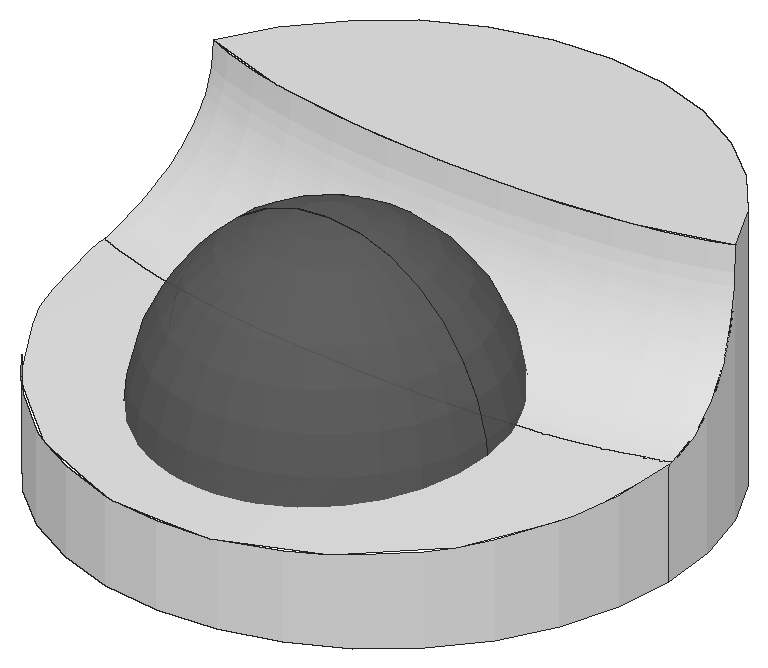
Revit family "Camera-Security-Panasonic-Dome-Network-SF138", category Security Devices, host Face, Revit 2013
Parameters (values of type "Super Dynamic FullHD, Dome, Network, WV-SF138")
  z Dome Material = Polycarbonate Resin - Panasonic - Smoked
  z Base Radius = Diameter / 2  # 2.047"
  Wide Dynamic Range (Super Dynamic) = yes
  Weight = 0.57 lbf
  Vandal Resistant = no
  URL = "http://security.panasonic.com/pss/security/"
  Tilting Range = "-20 to +90"
  Storage Temperature = "32°F - 104°F"  # constant formula
  Regulatory Compliance = "UL 60950-1, FCC Part 15 Class A, C-UL CAN/CSA C22.2 No.60950-1, ICES 003 Class A"
  Rated Current = 110 mA
  Provide Feedback = "https://www.surveymonkey.com/s/95FL6QY"
  Product Page URL = "http://security.panasonic.com/pss/security/products/hd/wv-sf138/index.html"
  Product Material = ABS Resin - Panasonic - Sail White
  Product Documentation Link = "http://cr.panasonic.com/assets/18000-http://ssbu-t.psn-web.net/Products/IP_camera/WV-SF138/Specsheet/WV-SF138_2A-109AL.pdf"
  PoE = 48 V
  Part Number = Model  # "WV-SF138"
  Part Description = Description  # "Security Camera, Super Dynamic, Full HD, Dome, Network"
  Panning Range = "-20 to +20"
  Original Creation Date = "2015/2/9"
  Operational Temperature = "32°F - 104°F"  # constant formula
  Operational Humidity = "90% or less (without condensation)"
  Mounting Positions = "Surface Mount"
  Model Disclaimer = "Contact Panasonic for more information"  # constant formula
  Model = "WV-SF138"
  Minimum Illumination = 1.2 lx
  Manufacturer = "Panasonic"  # constant formula
  Lens Mount = "N/A"
  Indoor Or Outdoor = "Indoor"
  IP Or Analog = "IP"
  Height = 1.850"
  Has POE = yes
  Family Version = "1.0.0"  # constant formula
  Equipment Number [instance] = ""
  Equipment Abbreviation = "SC"
  Dome Part Number = "WV-CW6S"  # constant formula
  Diameter = 4.094"
  Description = "Security Camera, Super Dynamic, Full HD, Dome, Network"
  Default Elevation = 0.000"
  Day Or Night = "Yes"
  Date Last Modified = ""
  Copyright = "Copyright © Panasonic"  # constant formula
  Communication Ports = "10Base-T / 100Base-TX, RJ-45"
  Audio Out = "Yes"
  Audio In = "Yes"
  Angle Of View = "100"
  Alarm Input Or Output Specification = "N/A"
Reference planes (in)
  plane 1 "Center (Front/Back)": y = 0
  plane 2: z = 0
  plane 3 "Center (Left/Right)": x = 0
  plane 4: x = 2.047
  plane 5: x = -2.047
  plane 6: z = 1.758
  plane 7: x = -0.75
  plane 8: x = 0.75
  plane 9: y = -1
  plane 10: y = -1.75
  plane 11: y = -0.25
  plane 12: y = 0.531
  plane 13: x = -1.9405
  plane 14: x = 1.9405
  plane 15: z = 0.558
  plane 16: z = 1.258
  plane 17: z = 0.758
  plane 18: y = -0.5
  plane 19: z = 0
  plane 20: z = 1.85
Forms (in)
  Extrusion 1, solid, material "ABS Resin - Panasonic - Sail White" <- "Product Material"
    sketch origin (0, 0, 0) x (1, 0, 0) y (0, 1, 0)
      loop
        circle (0, 0) r 2.047
    from 0 to 1.758
  Sweep 2, void
    path in 3D
      loop
        spline (-2.08128, 1.031, 1.5) -> (-2.01037, 0.90159, 1.5) -> (-1.80244, 0.781, 1.5) -> (-1.47169, 0.67745, 1.5) -> (-1.04064, 0.59799, 1.5) -> (-0.53868, 0.54804, 1.5) -> (0, 0.531, 1.5) -> (0.53868, 0.54804, 1.5) -> (1.04064, 0.59799, 1.5) -> (1.47169, 0.67745, 1.5) -> (1.80244, 0.781, 1.5) -> (2.01037, 0.90159, 1.5) -> (2.08128, 1.031, 1.5)
    profile origin (0, 0.531, 1.5) x (0, 1, 0) y (0, 0, 1)
      loop
        line (0, 0.258) -> (-2.69735, 0.258) -> (-2.69735, -0.942) -> (-0.78008, -0.742)
        arc (-0.78008, -0.742) -> (-0.21809, -0.37614) -> (0, 0.258) r 1.031
  Revolve 3, solid, material "Polycarbonate Resin - Panasonic - Smoked"
    sketch origin (-60, -0.5, 48) x (-1, 0, 0) y (0, 0, 1)
      loop
        spline (-58.83899, -47.442) -> (-58.84892, -47.27336) -> (-58.87855, -47.10761) -> (-58.92736, -46.94758) -> (-58.99453, -46.796) -> (-59.07891, -46.65548) -> (-59.17904, -46.52842) -> (-59.29322, -46.41699) -> (-59.41949, -46.3231) -> (-59.5557, -46.24835) -> (-59.69951, -46.19403) -> (-59.84846, -46.16106) -> (-60, -46.15001)
        line (-60, -46.15001) -> (-60, -47.442) -> (-58.83899, -47.442)
      axis (-60, -46.15001) -> (-60, -47.442)
    angle from 0 to 360
  Sweep 4, void
    path in 3D
      loop
        spline (1.87763, 0.81529, 1.758) -> (1.60211, 0.71184, 1.758) -> (1.27835, 0.63643, 1.758) -> (0.95881, 0.58722, 1.758) -> (0.6441, 0.55555, 1.758) -> (0.32095, 0.53698, 1.758) -> (-0.00143, 0.531, 1.758) -> (-0.32009, 0.53695, 1.758) -> (-0.6409, 0.5553, 1.758) -> (-0.96333, 0.58778, 1.758) -> (-1.28839, 0.63832, 1.758) -> (-1.60846, 0.71369, 1.758) -> (-1.87763, 0.81529, 1.758)
    profile origin (-0.00143, 0.531, 1.758) x (-0.000157, -1, 0) y (0, 0, 1)
      loop
        line (0, 0) -> (-0.31705, 0) -> (-0.31705, -1.758) -> (2.281, -1.758) -> (2.281, -1.15775) -> (0.78008, -1.358)
        arc (0.78008, -1.358) -> (0.2089, -0.78305) -> (0, 0) r 1.57208
Cuts and joins
  Sweep 2 cuts Extrusion 1
  Sweep 4 cuts Revolve 3
Lines and regions (in)
  Masking region 1
    outline origin (0, 0, 0) x (1, 0, 0) y (0, 1, 0)
      loop
        circle (0, 0) r 2.047
  Masking region 2
    outline origin (0, 0, 0) x (1, 0, 0) y (0, 0, 1)
      loop
        line (-2.047, 0) -> (2.047, 0) -> (2.047, 0.75) -> (1.83288, 1.258) -> (1.80671, 1.758) -> (-1.80671, 1.758) -> (-1.83288, 1.258) -> (-2.047, 0.75) -> (-2.047, 0)
  sketch lines
    curve 1: spline (-2.08128, 1.031, 1.5) -> (-2.01037, 0.90159, 1.5) -> (-1.80244, 0.781, 1.5) -> (-1.47169, 0.67745, 1.5) -> (-1.04064, 0.59799, 1.5) -> (-0.53868, 0.54804, 1.5) -> (0, 0.531, 1.5) -> (0.53868, 0.54804, 1.5) -> (1.04064, 0.59799, 1.5) -> (1.47169, 0.67745, 1.5) -> (1.80244, 0.781, 1.5) -> (2.01037, 0.90159, 1.5) -> (2.08128, 1.031, 1.5)
    curve 2: spline (1.87763, 0.81529, 1.758) -> (1.60211, 0.71184, 1.758) -> (1.27835, 0.63643, 1.758) -> (0.95881, 0.58722, 1.758) -> (0.6441, 0.55555, 1.758) -> (0.32095, 0.53698, 1.758) -> (-0.00143, 0.531, 1.758) -> (-0.32009, 0.53695, 1.758) -> (-0.6409, 0.5553, 1.758) -> (-0.96333, 0.58778, 1.758) -> (-1.28839, 0.63832, 1.758) -> (-1.60846, 0.71369, 1.758) -> (-1.87763, 0.81529, 1.758)
  symbolic lines, style "SecurityDevices", detail levels fine
    curve 3: circle (0, -0.5, 0) r 1.15794 normal (0, 0, 1)
Dimensions and locks (in)
  equal spacing: plane 5, plane 3 "Center (Left/Right)", plane 4
  "Diameter": plane 5 to plane 4
  plane 6 to plane 2 = 1.758"
  plane 11 to plane 9 to plane 10 = 0.750" locked, 0.750" locked
  plane 1 "Center (Front/Back)" to plane 12 = 0.531"
  "Height": plane 20 to plane 19
  plane 6 to plane 16 to plane 17 to plane 15 to plane 19 = 0.500" locked, 0.500" locked, 0.200" locked, 0.558" locked
  "z Base Radius": radius of Extrusion 1 sketch curve
  "z Base Radius": radius of Masking region 1 sketch curve
  aligned and locked: plane 2 to host face
  aligned and locked: level to host face
  aligned and locked: plane 1 "Center (Front/Back)" to Extrusion 1 sketch curve
  aligned and locked: plane 3 "Center (Left/Right)" to Extrusion 1 sketch curve
  aligned and locked: plane 6 to Extrusion 1
  aligned and locked: Revolve 3 sketch curve to plane 15
  aligned and locked: cut or joined group of Extrusion 1, Sweep 2 to plane 19
  aligned and locked: plane 3 "Center (Left/Right)" to Revolve 3 sketch curve
  aligned and locked: plane 6 to Sweep 2 sketch curve
  aligned and locked: plane 15 to Sweep 2 sketch curve
  aligned and locked: plane 17 to Sweep 2 sketch curve
  aligned and locked: Sweep 4 sketch curve to plane 19
  aligned and locked: plane 6 to Sweep 4 sketch curve
Automatic sketch dimensions
  host sketch curve to host sketch curve = 13.84857"
  host sketch curve to host sketch curve = 13.33566"
  Sweep 2 sketch curve to profile plane = 0.000"
  profile plane to Sweep 2 sketch curve = 0.78008"
  Sweep 2 sketch curve to Sweep 2 sketch curve = 1.91727"
  Sweep 4 sketch curve to profile plane = 0.000"
  profile plane to Sweep 4 sketch curve = 0.31705"
  Sweep 4 sketch curve to profile plane = 0.78008"
  Sweep 4 sketch curve to Sweep 4 sketch curve = 1.50092"
  Sweep 4 sketch curve to profile plane = 1.15775"
  Sweep 4 sketch curve to Sweep 4 sketch curve = 0.400"
  Revolve 3 sketch curve to plane 3 "Center (Left/Right)" = 0.000"
  Revolve 3 sketch curve to Revolve 3 sketch curve = 0.000"
  Revolve 3 sketch curve to plane 16 = 0.17748"
  plane 6 to Revolve 3 sketch curve = 0.12412"
  plane 20 to Revolve 3 sketch curve = 0.00001"
  plane 7 to Revolve 3 sketch curve = 0.41101"
  plane 5 to Masking region 2 sketch curve = 0.000"
  Masking region 2 sketch curve to plane 16 = 0.000"  (x2)
  Masking region 2 sketch curve to plane 6 = 0.000"
  plane 4 to Masking region 2 sketch curve = 0.000"
  Masking region 2 sketch curve to level = 0.000"
  Masking region 2 sketch curve to plane 13 = 0.10762"
  Masking region 2 sketch curve to plane 13 = 0.13379"
  Masking region 2 sketch curve to plane 14 = 0.13379"
  Masking region 2 sketch curve to plane 14 = 0.10762"
  plane 17 to Masking region 2 sketch curve = 0.008"  (x2)
  curve 3 to plane 3 "Center (Left/Right)" = 0.000"
  plane 18 to curve 3 = 0.000"
  plane 1 "Center (Front/Back)" to Masking region 1 sketch curve = 0.000"
  Masking region 1 sketch curve to plane 3 "Center (Left/Right)" = 0.000"
  radius of curve 3 = 1.15794"
Connectors (in)
  electrical at (0, 0, 0), driven by "PoE"
    settings: on cut or joined group of Extrusion 1, Sweep 2, index 1, voltage 48 V, apparent load 0.0 W, apparent load phase1 0.0 W, apparent load phase2 0.0 W, apparent load phase3 0.0 W, power factor 1, load classification "Other", number of poles 1, system type 30, power factor state 1, is connector primary yes, connector utility no, sub classification motor no, connector description "Electrical Connector"
